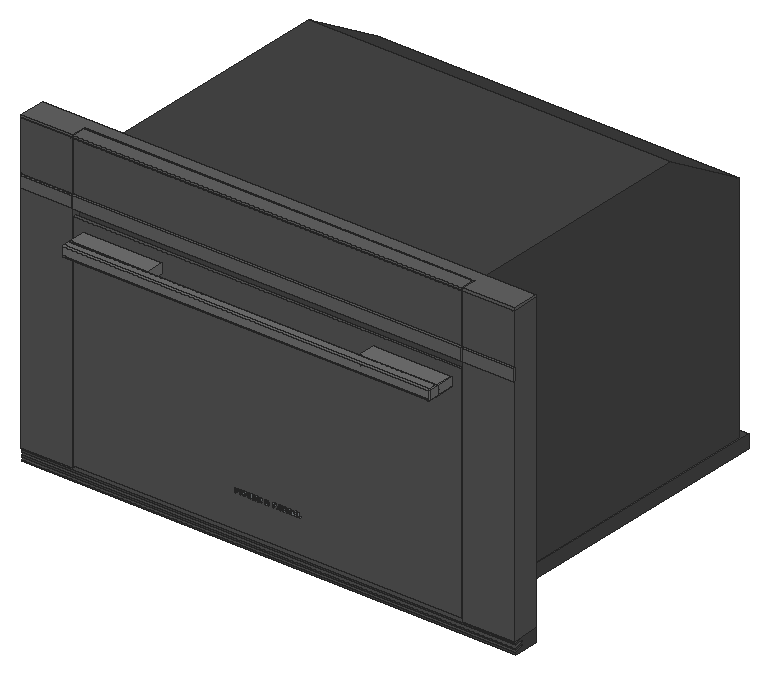
Revit family "FP_Revit_18_OM60NDBB1_w_TK76NDBB1_Microwave_Oven_w_76cm_Trimkit_90000814A", category Specialty Equipment, Revit 2018
Family settings
  Round Connector Dimension = Use Diameter
  Part Type = Normal
  OmniClass Number = 23.40.40.14.17.31
  OmniClass Title = Small Specialized Cooking Equipment
  Work Plane-Based = No
  Always vertical = Yes
  Cut with Voids When Loaded = Yes
  Shared = No
  Room Calculation Point = No
Parameters (values of type "OS60NDBB1 + TK76NDBB1")
  Visibility - Clearance Required = yes
  URL = "www.fisherpaykel.com"
  Product - Width = 757 mm  # constant formula
  Product - Height = 478 mm  # constant formula
  Product - Depth = 614 mm  # constant formula
  Model = "OS60NDBB1 + TK76NDBB1"
  Material - Trim = Fisher & Paykel - Stainless Steel, Dark
  Material - Structure = Fisher & Paykel - Black
  Material - Handle = Fisher & Paykel - Aluminium, Dark
  Material - Glass = Fisher & Paykel - Glass, Black
  Material - Body = Fisher & Paykel - Black
  Manufacturer = "Fisher & Paykel Appliances"
  FFL Offset [instance] = 900 mm
  Description = "60cm Steam Oven + 76cm Trimkit"
  Connector Description - Electrical = "220-240 V, 50 Hz, 14.5 A"
  Chassis - Width = 560 mm  # constant formula
  Chassis - Height = 446 mm  # constant formula
  Chassis - Depth = 540 mm  # constant formula
  Cavity - Width = 560 mm  # constant formula
  Cavity - Height = 480 mm  # constant formula
  Cavity - Depth = 560 mm  # constant formula
Reference planes
  plane 1 "Center (Front/Back)": y = 0
  plane 2: z = 0
  plane 3 "Center (Left/Right)": x = 0
  plane 4: z = 1380
  plane 5: z = 1378
  plane 6 "Product LHS": x = -378.5
  plane 7 "Product RHS": x = 378.5
  plane 8 "Product - Depth": y = 0
  plane 9 "Cavity LHS": x = -380
  plane 10 "Cavity RHS": x = 380
  plane 11 "Cavity - Depth": y = 560
  plane 12 "Front Face": y = -41.5
  plane 13 "Chassis - Height": z = 0
  plane 14 "Product Depth": y = 540
  plane 15 "FFL Offset": z = 900
Forms (mm)
  Extrusion 1, void
    sketch origin (0, 0, 0) x (0, 1, 0) y (0, 0, 1)
      loop
        line (-41.5, 1380) -> (-41.5, 900) -> (0, 900) -> (0, 1380) -> (-41.5, 1380)
    from -380 to 380
  Extrusion 2, void
    sketch origin (0, 0, 0) x (0, 1, 0) y (0, 0, 1)
      loop
        line (560, 1370) -> (0, 1370) -> (0, 900) -> (560, 900) -> (560, 1370)
    from -280 to 280
Text (mm)
  text "Due to ongoing product development, product details are subject to change without notice. \nPlease always refer to www.fisherpaykel.com for the most current product information. \n© Fisher & Paykel 2020" at (41.04, -413.295, 0), in view "Ref. Level (Plan)"
Dimensions and locks
  equal spacing: plane 6 "Product LHS", plane 3 "Center (Left/Right)", plane 7 "Product RHS"
  "Product - Width": plane 6 "Product LHS" to plane 7 "Product RHS"
  equal spacing: plane 9 "Cavity LHS", plane 3 "Center (Left/Right)", plane 10 "Cavity RHS"
  locked: plane 9 "Cavity LHS" to plane 10 "Cavity RHS" at 760
  plane 12 "Front Face" to plane 1 "Center (Front/Back)" = 41.5 mm
  "Chassis - Depth": plane 1 "Center (Front/Back)" to plane 14 "Product Depth"
  "FFL Offset": plane 15 "FFL Offset" to level
  "Cavity - Depth": plane 1 "Center (Front/Back)" to plane 11 "Cavity - Depth"
  "Product - Height": plane 5 to plane 15 "FFL Offset"
  "Cavity - Height": plane 4 to plane 15 "FFL Offset"
  "Cavity - Width": Extrusion 2 to Extrusion 2
  aligned and locked: level to plane 2
  aligned and locked: plane 15 "FFL Offset" to nested 2
  aligned and locked: nested 2 to plane 8 "Product - Depth"
  aligned and locked: plane 12 "Front Face" to nested 2
  aligned and locked: plane 12 "Front Face" to Extrusion 1 sketch curve
  aligned and locked: Extrusion 1 sketch curve to plane 8 "Product - Depth"
  aligned and locked: plane 15 "FFL Offset" to Extrusion 1 sketch curve
  aligned and locked: Extrusion 1 sketch curve to plane 4
  aligned and locked: Extrusion 1 to plane 10 "Cavity RHS"
  aligned and locked: plane 9 "Cavity LHS" to Extrusion 1
  aligned and locked: Extrusion 2 sketch curve to plane 8 "Product - Depth"
  aligned and locked: Extrusion 2 sketch curve to plane 15 "FFL Offset"
  aligned and locked: plane 11 "Cavity - Depth" to Extrusion 2 sketch curve
  aligned and locked: Extrusion 2 sketch curve to nested 2
Nested families
  nested 1: "FP_Revit_18_OM60NDBB1_Microwave_Oven_90000814A" at (0, -19.5, 20), FFL Offset <- "FFL Offset", type "OM60NDBB1"
    with FFL Offset 900 mm
  nested 2: "FP_Revit_18_TK76ND_Trimkits_90001189A" at (0, 0, 0), FFL Offset <- "FFL Offset", type "TK76NDBB1"
    with FFL Offset 900 mm
Connectors
  electrical at (-193.854, 529.119, 959.454), driven by "Connector Description - Electrical"
    settings: on nested 1, index 1, voltage 230 V, apparent load 0 VA, apparent load phase1 0 VA, apparent load phase2 0 VA, apparent load phase3 0 VA, power factor 1, load classification "Other", number of poles 1, system type 30, power factor state 1, is connector primary yes, connector utility no, sub classification motor no, connector description "220-240 V, 50 Hz, 14.5 A"
Definition of nested family "FP_Revit_18_OM60NDBB1_Microwave_Oven_90000814A"
  Parameters (values of type "OS60NDBB1")
    Visibility - Clearance Required = yes
    URL = "www.fisherpaykel.com"
    Product - Width = 596 mm  # constant formula
    Product - Height = 458 mm  # constant formula
    Product - Depth = 562 mm  # constant formula
    Model = "OS60NDBB1"
    Material - Trim = none
    Material - Structure = none
    Material - Handle = none
    Material - Glass = none
    Material - Body = none
    Manufacturer = "Fisher & Paykel Appliances"
    FFL Offset [instance] = 900 mm
    Description = "60cm Steam Oven"
    Connector Description - Electrical = "220-240 V, 50 Hz, 14.5 A"
    Chassis - Width = 556 mm  # constant formula
    Chassis - Height = 446 mm  # constant formula
    Chassis - Depth = 540 mm  # constant formula
    Cavity - Width = 600 mm  # constant formula
    Cavity - Height = 460 mm  # constant formula
    Cavity - Depth = 560 mm  # constant formula
  Types (4, lengths in mm): name | Model | Description
    OS60NDB1 | "OS60NDB1" | "60cm Steam Oven"
    OM60NDB1 | "OM60NDB1" | "60cm Microwave Oven"
    OM60NDBB1 | "OM60NDBB1" | "60cm Microwave Oven"
    OS60NDBB1 | "OS60NDBB1" | "60cm Steam Oven"
  Reference planes
    plane 1 "Center (Front/Back)": y = 0
    plane 2: z = 0
    plane 3 "Center (Left/Right)": x = 0
    plane 4: z = 1360
    plane 5: z = 1358
    plane 6 "Product LHS": x = -298
    plane 7 "Product RHS": x = 298
    plane 8 "Product - Depth": y = 0
    plane 9 "Cavity LHS": x = -300
    plane 10 "Cavity RHS": x = 300
    plane 11 "Cavity - Depth": y = 560
    plane 12 "Front Face": y = -22
    plane 13 "Chassis - Height": z = 0
    plane 14 "Product Depth": y = 540
    plane 15 "FFL Offset": z = 900
  Forms (mm)
    Extrusion 1, solid, material <- "Material - Body"
      sketch origin (0, 0, 0) x (0, 1, 0) y (0, 0, 1)
        loop
          line (0, 1346) -> (0, 907.28) -> (5.16, 907.28) -> (5.16, 900) -> (534.187, 900) -> (534.187, 1257.991) -> (403.295, 1336.64) -> (24.316, 1336.64) -> (8.71, 1346) -> (0, 1346)
      from -278 to 278
    Extrusion 2, solid, material <- "Material - Structure", detail levels fine
      sketch origin (0, 0, 0) x (0, 1, 0) y (0, 0, 1)
        loop
          line (0, 1353.9) -> (-2, 1353.9) -> (-2, 1355) -> (-18, 1355) -> (-18, 1258) -> (-9.89, 1258) -> (-9.89, 907.28) -> (0, 907.28) -> (0, 1353.9)
      from -298 to 298
    Extrusion 3, solid, material <- "Material - Trim", detail levels fine
      sketch origin (0, 0, 0) x (0, 1, 0) y (0, 0, 1)
        loop
          line (-22, 1358) -> (-22, 1355) -> (-2, 1355) -> (-2, 1358) -> (-22, 1358)
      from -298 to 298
    Extrusion 4, solid, material <- "Material - Glass", detail levels fine
      sketch origin (0, 0, 0) x (0, 1, 0) y (0, 0, 1)
        loop
          line (-18, 1355) -> (-20.262, 1355)
          arc (-20.262, 1355) -> (-21.236, 1354.682) -> (-22, 1354) r 2.5
          line (-22, 1354) -> (-22, 1258) -> (-18, 1258) -> (-18, 1355)
      from -298 to 298
    Extrusion 5, solid, material <- "Material - Glass", detail levels fine
      sketch origin (0, 0, 0) x (0, 1, 0) y (0, 0, 1)
        loop
          line (-22, 1246.53) -> (-22, 904.53) -> (-18, 904.53) -> (-18, 1246.53) -> (-22, 1246.53)
      from -298 to 298
    Extrusion 6, solid, material <- "Material - Structure", detail levels fine
      sketch origin (0, 0, 0) x (0, 1, 0) y (0, 0, 1)
        loop
          line (-18, 1229.33) -> (-18, 907.28) -> (-9.89, 907.28) -> (-9.89, 1229.33) -> (-18, 1229.33)
      from -278 to 278
    Extrusion 7, void
      sketch origin (0, 0, 0) x (1, 0, 0) y (0, 0, 1)
        loop
          line (-158.462, 1052.91) -> (-229.24, 1052.91)
          arc (-229.24, 1052.91) -> (-232.776, 1051.446) -> (-234.24, 1047.91) r 5
          line (-234.24, 1047.91) -> (-234.24, 955.13)
          arc (-234.24, 955.13) -> (-232.776, 951.594) -> (-229.24, 950.13) r 5
          line (-229.24, 950.13) -> (-158.462, 950.13)
          arc (-158.462, 950.13) -> (-154.926, 951.594) -> (-153.462, 955.13) r 5
          line (-153.462, 955.13) -> (-153.462, 1047.91)
          arc (-153.462, 1047.91) -> (-154.926, 1051.446) -> (-158.462, 1052.91) r 5
      from -539.6 to -521.6
    Sweep 8, void
      path in 3D
        loop
          arc (-153.462, 521.6, 955.13) -> (-154.926, 521.6, 951.594) -> (-158.462, 521.6, 950.13) r 5
          line (-158.462, 521.6, 950.13) -> (-229.24, 521.6, 950.13)
          arc (-229.24, 521.6, 950.13) -> (-232.776, 521.6, 951.594) -> (-234.24, 521.6, 955.13) r 5
          line (-234.24, 521.6, 955.13) -> (-234.24, 521.6, 1047.91)
          arc (-234.24, 521.6, 1047.91) -> (-232.776, 521.6, 1051.446) -> (-229.24, 521.6, 1052.91) r 5
          line (-229.24, 521.6, 1052.91) -> (-158.462, 521.6, 1052.91)
          arc (-158.462, 521.6, 1052.91) -> (-154.926, 521.6, 1051.446) -> (-153.462, 521.6, 1047.91) r 5
          line (-153.462, 521.6, 1047.91) -> (-153.462, 521.6, 955.13)
      profile origin (-153.462, 521.6, 1001.52) x (-1, 0, 0) y (0, -1, 0)
        loop
          line (0, 0) -> (-21.3, -12.587) -> (0, -12.587) -> (0, 0)
    Extrusion 9, solid, material <- "Material - Body", detail levels medium+fine
      sketch origin (0, 0, -100) x (1, 0, 0) y (0, 0, 1)
        loop
          line (-175.354, 1115.273) -> (-212.354, 1115.273) -> (-212.354, 1057.273) -> (-175.354, 1057.273) -> (-175.354, 1115.273)
      from -540 to -521.6
    Extrusion 10, solid, material <- "Material - Trim", detail levels fine
      sketch origin (0, 0, 0) x (0, 1, 0) y (0, 0, 1)
        loop
          line (-22, 1258) -> (-22, 1277.8) -> (-22.8, 1277.8) -> (-23.7, 1275.5) -> (-23.7, 1258) -> (-22, 1258)
      from -298 to 298
    Extrusion 11, solid, visible <- "Visibility - Clearance Required", detail levels coarse
      sketch origin (0, 0, 0) x (1, 0, 0) y (0, 1, 0)
        loop
          line (-280, 0) -> (280, 0) -> (280, 548.619) -> (-280, 548.619) -> (-280, 0)
      from 900 to 1360
    Extrusion 12, solid, visible <- "Visibility - Clearance Required", detail levels coarse
      sketch origin (0, 0, 0) x (0, 1, 0) y (0, 0, 1)
        loop
          arc (-22, 1246.53) -> (-241.159, 1161.206) -> (-341.563, 948.532) r 317.644
          line (-341.563, 948.532) -> (-326.406, 946.445) -> (-332.106, 905.048) -> (-316.871, 902.951) -> (-311.171, 944.347) -> (-22, 904.53) -> (-22, 900) -> (0, 900) -> (0, 1360) -> (-22, 1360) -> (-22, 1246.53)
      from -300 to 300
    Sweep 13, solid, material <- "Material - Body", detail levels fine
      path origin (0, 0, -100) x (0, 1, 0) y (0, 0, 1)
        loop
          arc (530.8, 1057.273) -> (536.019, 1044.673) -> (548.619, 1039.454) r 17.819
      profile origin (0, 536.019, 944.673) x (0, 0.707107, 0.707107) y (1, 0, 0)
        loop
          circle (0, -193.854) r 5
    Extrusion 14, solid, material <- "Material - Glass", detail levels coarse+medium
      sketch origin (0, 0, 0) x (0, 1, 0) y (0, 0, 1)
        loop
          line (-22, 1358) -> (-22, 1258) -> (-9.89, 1258) -> (-9.89, 1229.33) -> (-18, 1229.33) -> (-18, 1246.53) -> (-22, 1246.53) -> (-22, 904.53) -> (-18, 904.53) -> (-18, 907.28) -> (0, 907.28) -> (0, 1353.9) -> (-2, 1353.9) -> (-2, 1358) -> (-22, 1358)
      from -298 to 298
    Extrusion 15, solid, material <- "Material - Body", not visible, detail levels medium+fine
      sketch origin (0, 0, 0) x (1, 0, 0) y (0, 0, 1)
        loop
          line (-175.354, 1115.273) -> (-212.354, 1115.273) -> (-212.354, 1057.273) -> (-175.354, 1057.273) -> (-175.354, 1115.273)
      from -540 to -521.6
    Sweep 16, solid, material <- "Material - Body", not visible, detail levels fine
      path origin (0, 0, 0) x (0, 1, 0) y (0, 0, 1)
        loop
          arc (530.8, 1057.273) -> (536.019, 1044.673) -> (548.619, 1039.454) r 17.819
      profile origin (0, 536.019, 1044.673) x (0, 0.707107, 0.707107) y (1, 0, 0)
        loop
          circle (0, -193.854) r 5
    Extrusion 17, void
      sketch origin (0, 0, 0) x (1, 0, 0) y (0, 1, 0)
        loop
          line (-280, 0) -> (280, 0) -> (280, 548.619) -> (-280, 548.619) -> (-280, 0)
      from 900 to 1360
    Extrusion 18, solid, visible <- "Visibility - Clearance Required", detail levels coarse
      sketch origin (0, 0, 0) x (0, 1, 0) y (0, 0, 1)
        loop
          arc (-22, 1246.53) -> (-241.159, 1161.206) -> (-341.563, 948.532) r 317.644
          line (-341.563, 948.532) -> (-326.406, 946.445) -> (-332.106, 905.048) -> (-316.871, 902.951) -> (-311.171, 944.347) -> (-22, 904.53) -> (-22, 900) -> (0, 900) -> (0, 1360) -> (-22, 1360) -> (-22, 1246.53)
      from -300 to 300
    Extrusion 19, void
      sketch origin (0, 0, 0) x (0, 1, 0) y (0, 0, 1)
        loop
          line (-22, 1360) -> (-22, 900) -> (0, 900) -> (0, 1360) -> (-22, 1360)
      from -300 to 300
  Cuts and joins
    Extrusion 7, Sweep 8 cuts Extrusion 1
    Extrusion 7 cuts Extrusion 2
    Extrusion 7 cuts Extrusion 5
    Extrusion 7 cuts Extrusion 6
  Lines and regions (mm)
    sketch lines
      curve 1: line (-153.462, 521.6, 1047.91) -> (-153.462, 521.6, 955.13)
      curve 2: arc (-153.462, 521.6, 1047.91) -> (-154.926, 521.6, 1051.446) -> (-158.462, 521.6, 1052.91) r 5
      curve 3: line (-229.24, 521.6, 1052.91) -> (-158.462, 521.6, 1052.91)
      curve 4: arc (-229.24, 521.6, 1052.91) -> (-232.776, 521.6, 1051.446) -> (-234.24, 521.6, 1047.91) r 5
      curve 5: line (-234.24, 521.6, 955.13) -> (-234.24, 521.6, 1047.91)
      curve 6: arc (-234.24, 521.6, 955.13) -> (-232.776, 521.6, 951.594) -> (-229.24, 521.6, 950.13) r 5
      curve 7: arc (-158.462, 521.6, 950.13) -> (-154.926, 521.6, 951.594) -> (-153.462, 521.6, 955.13) r 5
      curve 8: line (-158.462, 521.6, 950.13) -> (-229.24, 521.6, 950.13)
  Text (mm)
    text "Due to ongoing product development, product details are subject to change without notice. \nPlease always refer to www.fisherpaykel.com for the most current product information. \n© Fisher & Paykel 2020" at (41.04, -413.295, 0), in view "Ref. Level (Plan)"
  Dimensions and locks
    equal spacing: plane 6 "Product LHS", plane 3 "Center (Left/Right)", plane 7 "Product RHS"
    "Product - Width": plane 6 "Product LHS" to plane 7 "Product RHS"
    equal spacing: plane 9 "Cavity LHS", plane 3 "Center (Left/Right)", plane 10 "Cavity RHS"
    "Cavity - Width": plane 9 "Cavity LHS" to plane 10 "Cavity RHS"
    "Cavity - Depth": plane 11 "Cavity - Depth" to plane 1 "Center (Front/Back)"
    locked: plane 12 "Front Face" to plane 1 "Center (Front/Back)" at 22
    "Chassis - Depth": plane 1 "Center (Front/Back)" to plane 14 "Product Depth"
    Extrusion 1 sketch curve to plane 14 "Product Depth" = 5.813 mm
    equal spacing: cut or joined group of Extrusion 1, Extrusion 7, Sweep 8, plane 3 "Center (Left/Right)", cut or joined group of Extrusion 1, Extrusion 7, Sweep 8
    "Chassis - Width": cut or joined group of Extrusion 1, Extrusion 7, Sweep 8 to cut or joined group of Extrusion 1, Extrusion 7, Sweep 8
    "FFL Offset": plane 15 "FFL Offset" to level
    locked: nested 2 to plane 15 "FFL Offset" at 61.04
    locked: cut or joined group of Extrusion 1, Extrusion 7, Sweep 8 to plane 15 "FFL Offset" at 7.28
    locked: Extrusion 14 to plane 15 "FFL Offset" at 4.53
    locked: cut or joined group of Extrusion 1, Extrusion 7, Sweep 8 to plane 15 "FFL Offset" at 436.64
    "Chassis - Height": cut or joined group of Extrusion 1, Extrusion 7, Sweep 8 to plane 15 "FFL Offset"
    Extrusion 11 to plane 15 "FFL Offset" = 460 mm
    locked: plane 15 "FFL Offset" to Extrusion 9 at 57.273
    locked: plane 15 "FFL Offset" to cut or joined group of Extrusion 1, Extrusion 7, Sweep 8 at 50.13
    "Product - Height": plane 5 to plane 15 "FFL Offset"
    "Cavity - Height": plane 4 to plane 15 "FFL Offset"
    locked: nested 1 to plane 15 "FFL Offset" at 330.978
    locked: plane 5 to Extrusion 14 at 100
    locked: plane 5 to Extrusion 14 at 111.47
    locked: Extrusion 12 sketch curve to plane 15 "FFL Offset" at 4.53
    locked: plane 15 "FFL Offset" to Extrusion 7 sketch curve at 152.91
    locked: plane 15 "FFL Offset" to Extrusion 7 sketch curve at 50.13
    aligned and locked: level to plane 2
    aligned and locked: Extrusion 3 sketch curve to plane 5
    aligned and locked: plane 6 "Product LHS" to Extrusion 5
    aligned and locked: Extrusion 5 to plane 7 "Product RHS"
    aligned and locked: Extrusion 4 to plane 7 "Product RHS"
    aligned and locked: plane 6 "Product LHS" to Extrusion 4
    aligned and locked: plane 6 "Product LHS" to Extrusion 3
    aligned and locked: Extrusion 3 to plane 7 "Product RHS"
    aligned and locked: plane 6 "Product LHS" to Extrusion 2
    aligned and locked: Extrusion 2 to plane 7 "Product RHS"
    aligned and locked: plane 14 "Product Depth" to Extrusion 9
    aligned and locked: cut or joined group of Extrusion 1, Extrusion 7, Sweep 8 to Extrusion 9
    aligned and locked: Extrusion 10 to plane 7 "Product RHS"
    aligned and locked: plane 6 "Product LHS" to Extrusion 10
    aligned and locked: Extrusion 14 to plane 7 "Product RHS"
    aligned and locked: plane 6 "Product LHS" to Extrusion 14
    aligned and locked: Extrusion 1 to plane 15 "FFL Offset"
    aligned and locked: Extrusion 11 to cut or joined group of Extrusion 1, Extrusion 7, Sweep 8
    aligned and locked: Extrusion 14 to cut or joined group of Extrusion 1, Extrusion 7, Sweep 8
    aligned and locked: Extrusion 2 to cut or joined group of Extrusion 1, Extrusion 7, Sweep 8
    aligned and locked: Extrusion 6 to cut or joined group of Extrusion 1, Extrusion 7, Sweep 8
    aligned and locked: plane 5 to Extrusion 3
    aligned and locked: plane 5 to Extrusion 14
    aligned and locked: Extrusion 10 to Extrusion 4
    aligned and locked: Extrusion 14 to Extrusion 4
    aligned and locked: Extrusion 4 to cut or joined group of Extrusion 2, Extrusion 7
    aligned and locked: Extrusion 5 to Extrusion 14  (x2)
    aligned and locked: plane 4 to Extrusion 11
    aligned and locked: Extrusion 11 to Sweep 13
    aligned and locked: Extrusion 12 sketch curve to plane 15 "FFL Offset"
    aligned and locked: Extrusion 12 sketch curve to plane 4
    aligned and locked: plane 4 to Extrusion 17
    aligned and locked: Extrusion 17 to cut or joined group of Extrusion 1, Extrusion 7, Sweep 8
    aligned and locked: plane 15 "FFL Offset" to Extrusion 19 sketch curve
    aligned and locked: Extrusion 19 sketch curve to plane 4
  Automatic sketch dimensions
    Extrusion 9 sketch curve to Extrusion 9 sketch curve = 37 mm
    Extrusion 9 sketch curve to Extrusion 9 sketch curve = 58 mm
    Sweep 13 sketch curve to profile plane = 0 mm
    Sweep 13 sketch curve to Sweep 13 sketch curve = 17.819 mm
    Sweep 13 sketch curve to profile plane = 193.854 mm
    Extrusion 15 sketch curve to Extrusion 15 sketch curve = 37 mm
    Extrusion 15 sketch curve to Extrusion 15 sketch curve = 58 mm
    Sweep 16 sketch curve to profile plane = 0 mm
    Sweep 16 sketch curve to Sweep 16 sketch curve = 17.819 mm
    Sweep 16 sketch curve to profile plane = 193.854 mm
    Extrusion 1 sketch curve to plane 1 "Center (Front/Back)" = 0 mm
    Extrusion 1 sketch curve to plane 15 "FFL Offset" = 0 mm
    Extrusion 1 sketch curve to plane 1 "Center (Front/Back)" = 5.16 mm
    Extrusion 1 sketch curve to Extrusion 1 sketch curve = 8.71 mm
    Extrusion 1 sketch curve to Extrusion 1 sketch curve = 15.606 mm
    Extrusion 1 sketch curve to plane 5 = 21.36 mm
    Extrusion 1 sketch curve to plane 14 "Product Depth" = 136.705 mm
    Extrusion 1 sketch curve to Extrusion 1 sketch curve = 7.28 mm
    Extrusion 1 sketch curve to plane 5 = 100.009 mm
    Extrusion 1 sketch curve to plane 5 = 12 mm
    Extrusion 2 sketch curve to plane 1 "Center (Front/Back)" = 0 mm
    plane 1 "Center (Front/Back)" to Extrusion 2 sketch curve = 2 mm
    plane 1 "Center (Front/Back)" to Extrusion 2 sketch curve = 9.89 mm
    plane 12 "Front Face" to Extrusion 2 sketch curve = 4 mm
    plane 15 "FFL Offset" to Extrusion 2 sketch curve = 7.28 mm
    Extrusion 2 sketch curve to plane 5 = 100 mm
    Extrusion 2 sketch curve to plane 5 = 4.1 mm
    Extrusion 2 sketch curve to Extrusion 2 sketch curve = 1.1 mm
    Extrusion 3 sketch curve to plane 12 "Front Face" = 0 mm
    plane 1 "Center (Front/Back)" to Extrusion 3 sketch curve = 2 mm
    Extrusion 3 sketch curve to plane 5 = 3 mm
    Extrusion 4 sketch curve to plane 12 "Front Face" = 0 mm
    plane 12 "Front Face" to Extrusion 4 sketch curve = 1.738 mm
    plane 12 "Front Face" to Extrusion 4 sketch curve = 2.011 mm
    plane 12 "Front Face" to Extrusion 4 sketch curve = 4 mm
    Extrusion 4 sketch curve to plane 5 = 100 mm
    Extrusion 4 sketch curve to plane 5 = 5.485 mm
    Extrusion 4 sketch curve to Extrusion 4 sketch curve = 1.485 mm
    Extrusion 5 sketch curve to plane 12 "Front Face" = 0 mm
    plane 12 "Front Face" to Extrusion 5 sketch curve = 4 mm
    plane 15 "FFL Offset" to Extrusion 5 sketch curve = 4.53 mm
    Extrusion 5 sketch curve to plane 5 = 111.47 mm
    plane 12 "Front Face" to Extrusion 6 sketch curve = 4 mm
    Extrusion 6 sketch curve to Extrusion 6 sketch curve = 8.11 mm
    plane 15 "FFL Offset" to Extrusion 6 sketch curve = 7.28 mm
    Extrusion 6 sketch curve to plane 5 = 128.67 mm
    Extrusion 7 sketch curve to plane 6 "Product LHS" = 63.76 mm
    Extrusion 7 sketch curve to Extrusion 7 sketch curve = 5 mm  (x3)
    Extrusion 7 sketch curve to Extrusion 7 sketch curve = 70.778 mm  (x2)
    Sweep 8 sketch curve to profile plane = 0 mm  (x2)
    Sweep 8 sketch curve to profile plane = 21.3 mm
    profile plane to Sweep 8 sketch curve = 12.587 mm
    Extrusion 10 sketch curve to plane 12 "Front Face" = 0 mm
    Extrusion 10 sketch curve to Extrusion 10 sketch curve = 0.8 mm
    Extrusion 10 sketch curve to plane 12 "Front Face" = 1.7 mm
    Extrusion 10 sketch curve to plane 5 = 100 mm
    Extrusion 10 sketch curve to Extrusion 10 sketch curve = 17.5 mm
    Extrusion 10 sketch curve to Extrusion 10 sketch curve = 2.3 mm
    plane 1 "Center (Front/Back)" to Extrusion 11 sketch curve = 0 mm
    plane 14 "Product Depth" to Extrusion 11 sketch curve = 8.619 mm
    Extrusion 11 sketch curve to plane 6 "Product LHS" = 18 mm
    plane 7 "Product RHS" to Extrusion 11 sketch curve = 18 mm
    Extrusion 12 sketch curve to plane 12 "Front Face" = 0 mm  (x2)
    Extrusion 12 sketch curve to plane 1 "Center (Front/Back)" = 0 mm
    Extrusion 12 sketch curve to plane 12 "Front Face" = 2.526 mm
    plane 15 "FFL Offset" to Extrusion 12 sketch curve = 44.347 mm
    Extrusion 12 sketch curve to Extrusion 12 sketch curve = 286.644 mm
    plane 15 "FFL Offset" to Extrusion 12 sketch curve = 2.951 mm
    plane 15 "FFL Offset" to Extrusion 12 sketch curve = 46.445 mm
    Extrusion 12 sketch curve to Extrusion 12 sketch curve = 15.235 mm
    plane 15 "FFL Offset" to Extrusion 12 sketch curve = 48.532 mm
    Extrusion 12 sketch curve to Extrusion 12 sketch curve = 24.366 mm
    Extrusion 14 sketch curve to plane 5 = 0 mm
    Extrusion 14 sketch curve to plane 12 "Front Face" = 0 mm  (x2)
    Extrusion 14 sketch curve to plane 1 "Center (Front/Back)" = 0 mm
    plane 12 "Front Face" to Extrusion 14 sketch curve = 4 mm  (x2)
    plane 1 "Center (Front/Back)" to Extrusion 14 sketch curve = 9.89 mm
    plane 1 "Center (Front/Back)" to Extrusion 14 sketch curve = 2 mm
    Extrusion 14 sketch curve to plane 5 = 4.1 mm
    Extrusion 14 sketch curve to Extrusion 14 sketch curve = 95.9 mm
    Extrusion 14 sketch curve to Extrusion 14 sketch curve = 11.47 mm
    Extrusion 14 sketch curve to Extrusion 14 sketch curve = 17.2 mm
    plane 15 "FFL Offset" to Extrusion 14 sketch curve = 7.28 mm
    Extrusion 14 sketch curve to Extrusion 14 sketch curve = 2.75 mm
    plane 1 "Center (Front/Back)" to Extrusion 17 sketch curve = 0 mm
    plane 14 "Product Depth" to Extrusion 17 sketch curve = 8.619 mm
    Extrusion 17 sketch curve to plane 6 "Product LHS" = 18 mm
    plane 7 "Product RHS" to Extrusion 17 sketch curve = 18 mm
    Extrusion 18 sketch curve to plane 12 "Front Face" = 0 mm  (x2)
    Extrusion 18 sketch curve to plane 1 "Center (Front/Back)" = 0 mm
    Extrusion 18 sketch curve to plane 15 "FFL Offset" = 0 mm
    Extrusion 18 sketch curve to plane 4 = 0 mm
    Extrusion 18 sketch curve to plane 12 "Front Face" = 2.526 mm
    plane 15 "FFL Offset" to Extrusion 18 sketch curve = 44.347 mm
    Extrusion 18 sketch curve to Extrusion 18 sketch curve = 286.644 mm
    plane 15 "FFL Offset" to Extrusion 18 sketch curve = 2.951 mm
    Extrusion 18 sketch curve to Extrusion 18 sketch curve = 5.7 mm
    plane 15 "FFL Offset" to Extrusion 18 sketch curve = 46.445 mm
    Extrusion 18 sketch curve to Extrusion 18 sketch curve = 15.235 mm
    plane 15 "FFL Offset" to Extrusion 18 sketch curve = 48.532 mm
    Extrusion 18 sketch curve to Extrusion 18 sketch curve = 24.366 mm
    Extrusion 19 sketch curve to plane 12 "Front Face" = 0 mm
    Extrusion 19 sketch curve to plane 1 "Center (Front/Back)" = 0 mm
    radius of Sweep 13 sketch curve = 5 mm
    radius of Sweep 16 sketch curve = 5 mm
  Nested families
    nested 1: "F&P Handle Contemporary Square OB60-24" at (0, -22, 1223), type "Aluminium"
    nested 2: "F&P Logo 100mm" at (0, -22, 955), type "F&P Logo 100mm"
  Connectors
    electrical at (-193.854, 548.619, 939.454), driven by "Connector Description - Electrical"
      settings: on Sweep 13, index 1, voltage 120 V, apparent load 0 VA, apparent load phase1 0 VA, apparent load phase2 0 VA, apparent load phase3 0 VA, power factor 1, load classification none, number of poles 1, system type 30, power factor state 1, is connector primary yes, connector utility no, sub classification motor no, connector description "220-240 V, 50 Hz, 14.5 A"
  Definition of nested family "F&P Handle Contemporary Square OB60-24"
    Parameters (values of type "Aluminium Dark")
      URL = "www.fisherpaykel.com"
      Material - Handle = none
      Manufacturer = "Fisher & Paykel Appliances"
      Handle - Length = 565 mm
    Types (2): name
      Aluminium
      Aluminium Dark
    Reference planes
      plane 1 "Center (Front/Back)": y = 0
      plane 2: z = 0
      plane 3 "Center (Left/Right)": x = 0
      plane 4 "Product LHS": x = -282.5
      plane 5 "Product RHS": x = 282.5
      plane 6 "LHS Standoff": x = -162.495
      plane 7 "RHS Standoff": x = 162.505
    Forms (mm)
      Extrusion 1, solid, material <- "Material - Handle", detail levels fine
        sketch origin (0, 0, 0) x (0, 1, 0) y (0, 0, 1)
          loop
            arc (-28.701, 7.561) -> (-29.057, 7.868) -> (-29.514, 7.978) r 1
            line (-29.514, 7.978) -> (-40.5, 7.978)
            arc (-40.5, 7.978) -> (-41.561, 7.539) -> (-42, 6.478) r 1.5
            line (-42, 6.478) -> (-42, -6.522)
            arc (-42, -6.522) -> (-41.561, -7.583) -> (-40.5, -8.022) r 1.5
            line (-40.5, -8.022) -> (-29.487, -8.022)
            arc (-29.487, -8.022) -> (-29.029, -7.911) -> (-28.673, -7.602) r 1
            arc (-28.673, -7.602) -> (-26.256, -0.016) -> (-28.701, 7.561) r 13.038
        from -282.5 to 282.5
      Extrusion 2, solid, material <- "Material - Handle", detail levels fine
        sketch origin (0, 0, 0) x (0, 1, 0) y (0, 0, 1)
          loop
            arc (-28.23, 7.062) -> (-26.156, 0.008) -> (-28.198, -7.056) r 13.136
            arc (-28.198, -7.056) -> (-28.21, -7.463) -> (-27.86, -7.67) r 0.4
            line (-27.86, -7.67) -> (0, -7.67) -> (0, 7.678) -> (-27.893, 7.678)
            arc (-27.893, 7.678) -> (-28.244, 7.47) -> (-28.23, 7.062) r 0.4
        from 162.505 to 282.5
      Extrusion 3, solid, material <- "Material - Handle", detail levels fine
        sketch origin (0, 0, 0) x (0, 1, 0) y (0, 0, -1)
          loop
            arc (-28.23, -7.062) -> (-28.244, -7.47) -> (-27.893, -7.678) r 0.4
            line (-27.893, -7.678) -> (0, -7.678) -> (0, 7.67) -> (-27.86, 7.67)
            arc (-27.86, 7.67) -> (-28.21, 7.463) -> (-28.198, 7.056) r 0.4
            arc (-28.198, 7.056) -> (-26.156, -0.008) -> (-28.23, -7.062) r 13.136
        from 162.495 to 282.5
      Sweep 4, void
        path in 3D
          loop
            line (282.5, -29.514, 7.978) -> (282.5, -40.5, 7.978)
            arc (282.5, -40.5, 7.978) -> (282.5, -41.561, 7.539) -> (282.5, -42, 6.478) r 1.5
            line (282.5, -42, 6.478) -> (282.5, -42, -6.522)
            arc (282.5, -42, -6.522) -> (282.5, -41.561, -7.583) -> (282.5, -40.5, -8.022) r 1.5
            line (282.5, -40.5, -8.022) -> (282.5, -29.487, -8.022)
        profile origin (282.5, -35.007, 7.978) x (1, 0, 0) y (0, 0, 1)
          loop
            line (0, 0) -> (-1.3, 0) -> (0, -1.3) -> (0, 0)
      Sweep 5, void
        path in 3D
          loop
            line (-282.5, -29.487, -8.022) -> (-282.5, -40.5, -8.022)
            arc (-282.5, -40.5, -8.022) -> (-282.5, -41.561, -7.583) -> (-282.5, -42, -6.522) r 1.5
            line (-282.5, -42, -6.522) -> (-282.5, -42, 6.478)
            arc (-282.5, -42, 6.478) -> (-282.5, -41.561, 7.539) -> (-282.5, -40.5, 7.978) r 1.5
            line (-282.5, -40.5, 7.978) -> (-282.5, -29.514, 7.978)
        profile origin (-282.5, -35.007, 7.978) x (-1, 0, 0) y (0, 0, 1)
          loop
            line (0, 0) -> (-1.3, 0) -> (0, -1.3) -> (0, 0)
      Extrusion 6, void
        sketch origin (0, 0, 0) x (1, 0, 0) y (0, 0, 1)
          loop
            line (282.5, 7.978) -> (281.2, 7.978) -> (282.5, 6.678) -> (282.5, 7.978)
          loop
            line (282.5, -8.022) -> (282.5, -6.722) -> (281.2, -8.022) -> (282.5, -8.022)
        from 0 to 40
      Extrusion 7, void
        sketch origin (0, 0, 0) x (1, 0, 0) y (0, 0, 1)
          loop
            line (-282.5, 7.978) -> (-282.5, 6.678) -> (-281.2, 7.978) -> (-282.5, 7.978)
          loop
            line (-282.5, -8.022) -> (-281.2, -8.022) -> (-282.5, -6.722) -> (-282.5, -8.022)
        from 0 to 40
      Extrusion 8, solid, material <- "Material - Handle", detail levels coarse+medium
        sketch origin (0, 0, 0) x (1, 0, 0) y (0, 1, 0)
          loop
            line (-282.5, -42) -> (282.5, -42) -> (282.5, 0) -> (162.505, 0) -> (162.505, -26.156) -> (-162.495, -26.156) -> (-162.495, 0) -> (-282.5, 0) -> (-282.5, -42)
        from -8.022 to 7.978
    Cuts and joins
      Sweep 4, Sweep 5, Extrusion 6, Extrusion 7 cuts Extrusion 1
      Extrusion 6 cuts Extrusion 2
      Extrusion 7 cuts Extrusion 3
    Lines and regions (mm)
      sketch lines
        curve 1: line (282.5, -29.514, 7.978) -> (282.5, -40.5, 7.978)
        curve 2: arc (282.5, -42, 6.478) -> (282.5, -41.561, 7.539) -> (282.5, -40.5, 7.978) r 1.5
        curve 3: line (282.5, -42, 6.478) -> (282.5, -42, -6.522)
        curve 4: arc (282.5, -40.5, -8.022) -> (282.5, -41.561, -7.583) -> (282.5, -42, -6.522) r 1.5
        curve 5: line (282.5, -40.5, -8.022) -> (282.5, -29.487, -8.022)
        curve 6: line (-282.5, -40.5, 7.978) -> (-282.5, -29.514, 7.978)
        curve 7: arc (-282.5, -40.5, 7.978) -> (-282.5, -41.561, 7.539) -> (-282.5, -42, 6.478) r 1.5
        curve 8: line (-282.5, -42, -6.522) -> (-282.5, -42, 6.478)
        curve 9: arc (-282.5, -42, -6.522) -> (-282.5, -41.561, -7.583) -> (-282.5, -40.5, -8.022) r 1.5
        curve 10: line (-282.5, -29.487, -8.022) -> (-282.5, -40.5, -8.022)
    Dimensions and locks
      equal spacing: plane 4 "Product LHS", plane 3 "Center (Left/Right)", plane 5 "Product RHS"
      "Handle - Length": plane 4 "Product LHS" to plane 5 "Product RHS"
      locked: plane 4 "Product LHS" to plane 6 "LHS Standoff" at 120.005
      locked: plane 7 "RHS Standoff" to plane 5 "Product RHS" at 119.995
      aligned and locked: level to plane 2
      aligned and locked: Extrusion 1 to plane 5 "Product RHS"
      aligned and locked: plane 4 "Product LHS" to Extrusion 1
      aligned and locked: Extrusion 2 to plane 5 "Product RHS"
      aligned and locked: plane 4 "Product LHS" to Extrusion 3
      aligned and locked: plane 4 "Product LHS" to Extrusion 8 sketch curve
      aligned and locked: Extrusion 8 sketch curve to plane 5 "Product RHS"
      aligned and locked: Extrusion 8 sketch curve to plane 7 "RHS Standoff"
      aligned and locked: plane 6 "LHS Standoff" to Extrusion 8 sketch curve
      aligned and locked: Extrusion 2 to plane 7 "RHS Standoff"
      aligned and locked: plane 6 "LHS Standoff" to Extrusion 3
    Automatic sketch dimensions
      Extrusion 1 sketch curve to level = 6.522 mm
      plane 1 "Center (Front/Back)" to Extrusion 1 sketch curve = 42 mm
      Extrusion 1 sketch curve to Extrusion 1 sketch curve = 1.5 mm  (x2)
      Extrusion 1 sketch curve to level = 0.04 mm
      Extrusion 1 sketch curve to Extrusion 1 sketch curve = 1.206 mm
      level to Extrusion 1 sketch curve = 6.978 mm
      Extrusion 1 sketch curve to Extrusion 1 sketch curve = 10.986 mm
      Extrusion 1 sketch curve to Extrusion 1 sketch curve = 11.013 mm
      Extrusion 1 sketch curve to Extrusion 1 sketch curve = 1 mm
      level to Extrusion 1 sketch curve = 6.478 mm
      Extrusion 1 sketch curve to Extrusion 1 sketch curve = 0 mm
      Extrusion 2 sketch curve to plane 1 "Center (Front/Back)" = 0 mm
      Extrusion 2 sketch curve to level = 7.67 mm
      Extrusion 2 sketch curve to Extrusion 2 sketch curve = 27.86 mm
      level to Extrusion 2 sketch curve = 7.678 mm
      Extrusion 2 sketch curve to Extrusion 2 sketch curve = 0.033 mm
      Extrusion 2 sketch curve to level = 0.022 mm
      Extrusion 2 sketch curve to Extrusion 2 sketch curve = 11.398 mm
      Extrusion 2 sketch curve to Extrusion 2 sketch curve = 0.4 mm  (x2)
      Extrusion 2 sketch curve to Extrusion 2 sketch curve = 0 mm
      Extrusion 3 sketch curve to plane 1 "Center (Front/Back)" = 0 mm
      Extrusion 3 sketch curve to level = 7.67 mm
      Extrusion 3 sketch curve to Extrusion 3 sketch curve = 27.86 mm
      level to Extrusion 3 sketch curve = 7.678 mm
      Extrusion 3 sketch curve to Extrusion 3 sketch curve = 0.033 mm
      Extrusion 3 sketch curve to level = 0.022 mm
      Extrusion 3 sketch curve to Extrusion 3 sketch curve = 11.398 mm
      Extrusion 3 sketch curve to Extrusion 3 sketch curve = 0.4 mm  (x2)
      Extrusion 3 sketch curve to Extrusion 3 sketch curve = 0 mm
      profile plane to Sweep 4 sketch curve = 0 mm
      Sweep 4 sketch curve to profile plane = 0 mm
      Sweep 4 sketch curve to profile plane = 1.3 mm
      profile plane to Sweep 4 sketch curve = 1.3 mm
      Sweep 5 sketch curve to profile plane = 0 mm  (x2)
      profile plane to Sweep 5 sketch curve = 1.3 mm
      Sweep 5 sketch curve to profile plane = 1.3 mm
      plane 5 "Product RHS" to Extrusion 6 sketch curve = 0 mm  (x2)
      Extrusion 6 sketch curve to Extrusion 6 sketch curve = 1.3 mm  (x4)
      Extrusion 6 sketch curve to level = 6.722 mm
      level to Extrusion 6 sketch curve = 6.678 mm
      plane 4 "Product LHS" to Extrusion 7 sketch curve = 0 mm  (x2)
      Extrusion 7 sketch curve to plane 4 "Product LHS" = 1.3 mm  (x2)
      Extrusion 7 sketch curve to level = 8.022 mm
      level to Extrusion 7 sketch curve = 6.678 mm
      Extrusion 7 sketch curve to Extrusion 7 sketch curve = 1.3 mm  (x2)
      plane 1 "Center (Front/Back)" to Extrusion 8 sketch curve = 0 mm  (x2)
      Extrusion 8 sketch curve to Extrusion 8 sketch curve = 26.156 mm
      Extrusion 8 sketch curve to Extrusion 8 sketch curve = 42 mm
  Definition of nested family "F&P Logo 100mm"
    Parameters (values of type "F&P Logo 100mm")
      URL = "www.fisherpaykel.com"
      Material - Logo = none
      Manufacturer = "Fisher & Paykel Appliances"
    Reference planes
      plane 1 "Center (Front/Back)": y = 0
      plane 2: z = 0
      plane 3 "Center (Left/Right)": x = 0
    Forms (mm)
      Extrusion 1, solid, material <- "Material - Logo", detail levels fine
        sketch origin (0, 0, 0) x (1, 0, 0) y (0, 0, 1)
          loop
            line (-50.044, 0) -> (-48.47, 0) -> (-48.47, 2.138) -> (-46.011, 2.138) -> (-46.011, 3.472) -> (-48.47, 3.472) -> (-48.47, 4.712) -> (-45.795, 4.712) -> (-45.795, 6.04) -> (-50.044, 6.04) -> (-50.044, 0)
          loop
            line (-42.804, 6.04) -> (-42.804, 0) -> (-41.23, 0) -> (-41.23, 6.04) -> (-42.804, 6.04)
          loop
            line (-30.724, 6.04) -> (-30.724, 0) -> (-29.151, 0) -> (-29.151, 2.42) -> (-26.839, 2.42) -> (-26.839, 0) -> (-25.265, 0) -> (-25.265, 6.04) -> (-26.839, 6.04) -> (-26.839, 3.748) -> (-29.151, 3.748) -> (-29.151, 6.04) -> (-30.724, 6.04)
          loop
            line (-21.906, 6.04) -> (-21.906, 0) -> (-17.602, 0) -> (-17.602, 1.328) -> (-20.347, 1.328) -> (-20.347, 2.42) -> (-17.838, 2.42) -> (-17.838, 3.748) -> (-20.347, 3.748) -> (-20.347, 4.712) -> (-17.602, 4.712) -> (-17.602, 6.04) -> (-21.906, 6.04)
          loop
            line (45.667, 6.04) -> (45.667, 0) -> (49.956, 0) -> (49.956, 1.328) -> (47.241, 1.328) -> (47.241, 6.04) -> (45.667, 6.04)
          loop
            line (42.431, 6.04) -> (38.112, 6.04) -> (38.112, 0) -> (42.431, 0) -> (42.431, 1.328) -> (39.687, 1.328) -> (39.687, 2.42) -> (42.195, 2.42) -> (42.195, 3.748) -> (39.687, 3.748) -> (39.687, 4.712) -> (42.431, 4.712) -> (42.431, 6.04)
          loop
            line (33.451, 3.148) -> (35.683, 6.04) -> (33.844, 6.04) -> (31.915, 3.542) -> (31.915, 6.04) -> (30.342, 6.04) -> (30.342, 0) -> (31.915, 0) -> (31.915, 2.705) -> (33.903, 0) -> (35.763, 0) -> (33.451, 3.148)
          loop
            line (21.98, 6.04) -> (24.262, 2.42) -> (24.262, 0) -> (25.837, 0) -> (25.837, 2.341) -> (28.119, 6.04) -> (26.446, 6.04) -> (25.099, 3.707) -> (23.753, 6.04) -> (21.98, 6.04)
          loop
            line (18.479, 6.04) -> (16.983, 6.04) -> (14.524, 0) -> (16.069, 0) -> (16.501, 1.112) -> (18.921, 1.112) -> (19.354, 0) -> (20.938, 0) -> (18.479, 6.04)
          loop
            line (18.4, 2.439) -> (17.693, 4.174) -> (17.018, 2.439) -> (18.4, 2.439)
          loop
            line (8.031, 6.04) -> (8.031, 0) -> (9.605, 0) -> (9.605, 1.938) -> (10.599, 1.938)
            arc (10.599, 1.938) -> (12.65, 3.989) -> (10.599, 6.04) r 2.051
            line (10.599, 6.04) -> (8.031, 6.04)
          loop
            line (9.605, 4.712) -> (9.605, 3.197) -> (10.501, 3.197)
            arc (10.501, 3.197) -> (11.259, 3.954) -> (10.501, 4.712) r 0.757
            line (10.501, 4.712) -> (9.605, 4.712)
          loop
            line (-11.783, 6.04) -> (-14.366, 6.04) -> (-14.366, 0) -> (-12.792, 0) -> (-12.792, 1.336) -> (-11.992, 1.336) -> (-10.972, 0) -> (-9.153, 0) -> (-10.694, 1.973)
            arc (-10.694, 1.973) -> (-9.678, 4.424) -> (-11.783, 6.04) r 2.179
          loop
            line (-11.897, 4.712) -> (-12.792, 4.712) -> (-12.792, 3.053) -> (-11.897, 3.053)
            arc (-11.897, 3.053) -> (-11.068, 3.882) -> (-11.897, 4.712) r 0.83
          loop
            line (0.477, 4.712) -> (0.477, 6.153) -> (-3.575, 6.153) -> (-3.575, 4.851) -> (-2.974, 4.112)
            arc (-2.974, 4.112) -> (-3.51, 0.684) -> (-0.045, 0.512) r 2.334
            line (-0.045, 0.512) -> (0.46, -0.109) -> (2.246, -0.109) -> (0.86, 1.594) -> (2.061, 3.324) -> (0.443, 3.324) -> (-0.013, 2.667) -> (-1.677, 4.712) -> (0.477, 4.712)
          loop
            arc (-2.125, 3.068) -> (-2.269, 1.668) -> (-0.868, 1.524) r 0.996
            line (-0.868, 1.524) -> (-2.125, 3.068)
          loop
            line (-35.18, 3.634) -> (-36.516, 3.91)
            arc (-36.516, 3.91) -> (-37.049, 4.443) -> (-36.516, 4.976) r 0.533
            arc (-36.516, 4.976) -> (-35.235, 4.79) -> (-34.059, 4.248) r 4.505
            line (-34.059, 4.248) -> (-34.059, 5.743)
            arc (-34.059, 5.743) -> (-35.549, 6.179) -> (-37.1, 6.109) r 4.726
            arc (-37.1, 6.109) -> (-38.536, 4.335) -> (-37.1, 2.561) r 1.814
            line (-37.1, 2.561) -> (-35.754, 2.282)
            arc (-35.754, 2.282) -> (-35.221, 1.749) -> (-35.754, 1.216) r 0.533
            arc (-35.754, 1.216) -> (-37.035, 1.402) -> (-38.211, 1.945) r 4.505
            line (-38.211, 1.945) -> (-38.211, 0.449)
            arc (-38.211, 0.449) -> (-36.72, 0.013) -> (-35.169, 0.083) r 4.726
            arc (-35.169, 0.083) -> (-33.734, 1.863) -> (-35.18, 3.634) r 1.814
        from 0 to 0.8
    Dimensions and locks
      aligned and locked: level to plane 2
Definition of nested family "FP_Revit_18_TK76ND_Trimkits_90001189A"
  Parameters (values of type "TK76NDBB1")
    Visibility - Clearance Required = yes
    URL = "www.fisherpaykel.com"
    Product - Width = 757 mm  # constant formula
    Product - Height = 478 mm  # constant formula
    Product - Depth = 571.5 mm  # constant formula
    Model = "TK76NDBB1"
    Material - Trim = none
    Material - Glass = none
    Material - Body = none
    Manufacturer = "Fisher & Paykel Appliances"
    FFL Offset [instance] = 860 mm
    Description = "76cm Trim Kit"
    Chassis - Width = 560 mm  # constant formula
    Chassis - Height = 20 mm  # constant formula
    Chassis - Depth = 530 mm  # constant formula
    Cavity - Width = 760 mm  # constant formula
    Cavity - Height = 480 mm  # constant formula
    Cavity - Depth = 560 mm  # constant formula
  Types (3, lengths in mm): name | Model
    (no name) | "TK76NDBB1"
    TK76NDB1 | "TK76NDB1"
    TK76NDBB1 | "TK76NDBB1"
  Reference planes
    plane 1 "Center (Front/Back)": y = 0
    plane 2: z = 0
    plane 3 "Center (Left/Right)": x = 0
    plane 4: z = 1340
    plane 5: z = 1338
    plane 6 "Product LHS": x = -378.5
    plane 7 "Product RHS": x = 378.5
    plane 8 "Product - Depth": y = 530
    plane 9 "Cavity LHS": x = -380
    plane 10 "Cavity RHS": x = 380
    plane 11 "Cavity - Depth": y = 560
    plane 12 "Front Face": y = -41.5
    plane 13 "Chassis - Height": z = 880
    plane 14 "FFL Offset": z = 860
  Forms (mm)
    Extrusion 1, solid, material <- "Material - Glass", detail levels fine
      sketch origin (0, 0, 0) x (0, 1, 0) y (0, 0, 1)
        loop
          line (0, 1335) -> (-39.5, 1335)
          arc (-39.5, 1335) -> (-40.617, 1334.734) -> (-41.5, 1334) r 2.521
          line (-41.5, 1334) -> (-41.5, 880) -> (0, 880) -> (0, 1335)
      from -378.5 to 378.5
    Extrusion 2, solid, material <- "Material - Trim", detail levels fine
      sketch origin (0, 0, 0) x (0, 1, 0) y (0, 0, 1)
        loop
          line (0, 1338) -> (-41.5, 1338) -> (-41.5, 1335) -> (0, 1335) -> (0, 1338)
      from -378.5 to 378.5
    Extrusion 3, solid, material <- "Material - Body"
      sketch origin (0, 0, 0) x (1, 0, 0) y (0, 0, 1)
        loop
          line (280, 880) -> (200, 880) -> (200, 861) -> (176, 861) -> (176, 860) -> (280, 860) -> (280, 880)
        loop
          line (-280, 880) -> (-280, 860) -> (-176, 860) -> (-176, 861) -> (-200, 861) -> (-200, 880) -> (-280, 880)
      from -530 to 0
    Extrusion 4, void
      sketch origin (0, 0, 0) x (1, 0, 0) y (0, 1, 0)
        loop
          line (-300, -18.5) -> (-300, -43.192) -> (299.823, -43.192) -> (299.823, -18.5) -> (-300, -18.5)
      from 880 to 1338
    Extrusion 5, void
      sketch origin (0, 0, 0) x (0, 1, 0) y (0, 0, 1)
        loop
          line (-18.5, 880) -> (0, 880) -> (0, 1326.5) -> (-16, 1326.5) -> (-16, 1334) -> (-18.5, 1334) -> (-18.5, 880)
      from -283 to 283
    Extrusion 6, solid, material <- "Material - Trim", detail levels fine
      sketch origin (0, 0, 0) x (0, 1, 0) y (0, 0, 1)
        loop
          line (-41.5, 1257.8) -> (-42.3, 1257.8) -> (-43.192, 1255.35) -> (-43.192, 1238) -> (-41.5, 1238) -> (-41.5, 1257.8)
      from -378.5 to 378.5
    Extrusion 7, solid, material <- "Material - Body", detail levels fine
      sketch origin (0, 0, 15) x (0, 1, 0) y (0, 0, 1)
        loop
          line (-23.654, 865) -> (-39.5, 861.049) -> (-39.5, 858.901) -> (-26, 862.392) -> (-26, 858.092) -> (-39.5, 854.601) -> (-39.5, 852.601) -> (-26, 856.092) -> (-26, 851.848) -> (-39.5, 848.356) -> (-39.5, 846.348) -> (-34.47, 845) -> (0, 845) -> (0, 865) -> (-23.654, 865)
      from -378.5 to 378.5
    Extrusion 8, solid
      sketch origin (0, 0, 0) x (1, 0, 0) y (0, 0, 1)
        loop
          circle (-288, 1202) r 4
        loop
          circle (-288, 1012) r 4
        loop
          circle (288, 1202) r 4
        loop
          circle (288, 1012) r 4
      from 18.5 to 21.5
    Extrusion 9, void
      sketch origin (0, 0, 0) x (1, 0, 0) y (0, 1, 0)
        loop
          circle (-270, 70) r 5
        loop
          circle (-270, 460) r 5
        loop
          circle (270, 70) r 5
        loop
          circle (270, 460) r 5
      from 860 to 880
    Extrusion 10, void
      sketch origin (0, 0, 0) x (0, 1, 0) y (0, 0, 1)
        loop
          circle (460, 870) r 5
        loop
          circle (70, 870) r 5
      from -225 to 225
    Extrusion 11, solid, material <- "Material - Glass", detail levels coarse+medium
      sketch origin (0, 0, 0) x (0, 1, 0) y (0, 0, 1)
        loop
          line (-41.5, 1338) -> (-41.5, 880) -> (0, 880) -> (0, 1338) -> (-41.5, 1338)
      from -378.5 to 378.5
    Extrusion 12, solid, visible <- "Visibility - Clearance Required", detail levels coarse
      sketch origin (0, 0, 0) x (1, 0, 0) y (0, 1, 0)
        loop
          line (-280, 0) -> (280, 0) -> (280, 560) -> (-280, 560) -> (-280, 0)
      from 860 to 1330
    Extrusion 13, solid, visible <- "Visibility - Clearance Required", detail levels coarse
      sketch origin (0, 0, 0) x (1, 0, 0) y (0, 1, 0)
        loop
          line (-380, 0) -> (-380, -41.5) -> (380, -41.5) -> (380, 0) -> (-380, 0)
      from 860 to 1340
    Extrusion 14, void
      sketch origin (0, 0, 0) x (1, 0, 0) y (0, 1, 0)
        loop
          line (-280, 560) -> (-280, 0) -> (280, 0) -> (280, 560) -> (-280, 560)
      from 860 to 1330
    Extrusion 15, void
      sketch origin (0, 0, 0) x (1, 0, 0) y (0, 1, 0)
        loop
          line (-380, -41.5) -> (380, -41.5) -> (380, 0) -> (-380, 0) -> (-380, -41.5)
      from 860 to 1340
    Extrusion 16, solid, material <- "Material - Body", detail levels coarse+medium
      sketch origin (0, 0, 0) x (0, 1, 0) y (0, 0, 1)
        loop
          line (-41.5, 880) -> (-41.5, 860) -> (0, 860) -> (0, 880) -> (-41.5, 880)
      from -378.5 to 378.5
  Cuts and joins
    Extrusion 4, Extrusion 5 cuts Extrusion 1
    Extrusion 4 cuts Extrusion 6
    Extrusion 4 cuts Extrusion 2
    Extrusion 9, Extrusion 10 cuts Extrusion 3
    Extrusion 4, Extrusion 5 cuts Extrusion 11
  Text (mm)
    text "Due to ongoing product development, product details are subject to change without notice. \nPlease always refer to www.fisherpaykel.com for the most current product information. \n© Fisher & Paykel 2020" at (41.04, -248.295, 0), in view "Ref. Level (Plan)"
  Dimensions and locks
    equal spacing: plane 6 "Product LHS", plane 3 "Center (Left/Right)", plane 7 "Product RHS"
    "Product - Width": plane 6 "Product LHS" to plane 7 "Product RHS"
    equal spacing: plane 9 "Cavity LHS", plane 3 "Center (Left/Right)", plane 10 "Cavity RHS"
    "Cavity - Width": plane 9 "Cavity LHS" to plane 10 "Cavity RHS"
    "Cavity - Depth": plane 11 "Cavity - Depth" to plane 1 "Center (Front/Back)"
    "Chassis - Depth": plane 8 "Product - Depth" to plane 1 "Center (Front/Back)"
    "Product - Depth": plane 8 "Product - Depth" to plane 12 "Front Face"
    equal spacing: Extrusion 12, plane 3 "Center (Left/Right)", Extrusion 12
    "Chassis - Width": Extrusion 12 to Extrusion 12
    "Chassis - Height": plane 14 "FFL Offset" to plane 13 "Chassis - Height"
    "Product - Height": plane 5 to plane 14 "FFL Offset"
    "Cavity - Height": plane 4 to plane 14 "FFL Offset"
    Extrusion 10 sketch curve to plane 14 "FFL Offset" = 10 mm
    locked: plane 14 "FFL Offset" to Extrusion 8 sketch curve at 152
    locked: plane 14 "FFL Offset" to Extrusion 8 sketch curve at 342
    locked: plane 5 to Extrusion 14 at 8
    locked: plane 5 to cut or joined group of Extrusion 2, Extrusion 4 at 3
    locked: plane 5 to cut or joined group of Extrusion 4, Extrusion 5, Extrusion 11 at 11.5
    locked: cut or joined group of Extrusion 4, Extrusion 6 to plane 14 "FFL Offset" at 378
    "FFL Offset": plane 14 "FFL Offset" to level
    locked: cut or joined group of Extrusion 3, Extrusion 9, Extrusion 10 to plane 14 "FFL Offset" at 10
    aligned and locked: level to plane 2
    aligned and locked: plane 5 to Extrusion 2 sketch curve
    aligned and locked: plane 6 "Product LHS" to Extrusion 1
    aligned and locked: Extrusion 1 to plane 7 "Product RHS"
    aligned and locked: Extrusion 3 to plane 8 "Product - Depth"
    aligned and locked: Extrusion 2 to plane 7 "Product RHS"
    aligned and locked: plane 6 "Product LHS" to Extrusion 2
    aligned and locked: plane 5 to Extrusion 4
    aligned and locked: Extrusion 6 to plane 7 "Product RHS"
    aligned and locked: plane 6 "Product LHS" to Extrusion 6
    aligned and locked: plane 6 "Product LHS" to Extrusion 7
    aligned and locked: Extrusion 7 to plane 7 "Product RHS"
    aligned and locked: Extrusion 11 to plane 7 "Product RHS"
    aligned and locked: plane 6 "Product LHS" to Extrusion 11
    aligned and locked: plane 4 to Extrusion 13
    aligned and locked: Extrusion 15 sketch curve to plane 10 "Cavity RHS"
    aligned and locked: plane 9 "Cavity LHS" to Extrusion 15 sketch curve
    aligned and locked: plane 4 to Extrusion 15
    aligned and locked: plane 14 "FFL Offset" to Extrusion 3 sketch curve
    aligned and locked: plane 13 "Chassis - Height" to Extrusion 3 sketch curve
    aligned and locked: Extrusion 3 sketch curve to plane 13 "Chassis - Height"
    aligned and locked: Extrusion 3 sketch curve to plane 14 "FFL Offset"
    aligned and locked: Extrusion 11 to cut or joined group of Extrusion 1, Extrusion 4, Extrusion 5
    aligned and locked: Extrusion 12 to cut or joined group of Extrusion 3, Extrusion 9, Extrusion 10
    aligned and locked: Extrusion 12 to Extrusion 14
    aligned and locked: Extrusion 3 to Extrusion 9  (x2)
    aligned and locked: Extrusion 4 to Extrusion 5
    aligned and locked: plane 5 to Extrusion 2
    aligned and locked: Extrusion 14 to cut or joined group of Extrusion 3, Extrusion 9, Extrusion 10
    aligned and locked: Extrusion 7 sketch curve to plane 1 "Center (Front/Back)"
    aligned and locked: Extrusion 7 sketch curve to plane 13 "Chassis - Height"
    aligned and locked: Extrusion 7 sketch curve to plane 14 "FFL Offset"
    aligned and locked: Extrusion 11 to Extrusion 7
    aligned and locked: Extrusion 15 to Extrusion 7
    aligned and locked: Extrusion 15 to cut or joined group of Extrusion 3, Extrusion 9, Extrusion 10
    aligned and locked: Extrusion 11 to cut or joined group of Extrusion 3, Extrusion 9, Extrusion 10
    aligned and locked: Extrusion 4 to Extrusion 1
    aligned and locked: Extrusion 13 to Extrusion 7
    aligned and locked: Extrusion 16 sketch curve to cut or joined group of Extrusion 4, Extrusion 5, Extrusion 11  (x2)
    aligned and locked: Extrusion 12 to Extrusion 16 sketch curve
    aligned and locked: Extrusion 16 sketch curve to Extrusion 13
  Automatic sketch dimensions
    Extrusion 2 sketch curve to plane 1 "Center (Front/Back)" = 0 mm
    Extrusion 2 sketch curve to plane 5 = 3 mm
    plane 1 "Center (Front/Back)" to Extrusion 2 sketch curve = 41.5 mm
    Extrusion 1 sketch curve to plane 1 "Center (Front/Back)" = 0 mm
    plane 12 "Front Face" to Extrusion 1 sketch curve = 2 mm
    plane 12 "Front Face" to Extrusion 1 sketch curve = 2.011 mm
    Extrusion 1 sketch curve to Extrusion 1 sketch curve = 2.521 mm
    Extrusion 1 sketch curve to plane 12 "Front Face" = 0 mm
    Extrusion 5 sketch curve to plane 1 "Center (Front/Back)" = 0 mm
    plane 1 "Center (Front/Back)" to Extrusion 5 sketch curve = 16 mm
    level to Extrusion 5 sketch curve = 880 mm
    Extrusion 5 sketch curve to plane 5 = 11.5 mm
    Extrusion 5 sketch curve to plane 5 = 4 mm
    plane 1 "Center (Front/Back)" to Extrusion 5 sketch curve = 18.5 mm
    Extrusion 6 sketch curve to plane 12 "Front Face" = 0 mm
    Extrusion 6 sketch curve to Extrusion 6 sketch curve = 0.8 mm
    Extrusion 6 sketch curve to Extrusion 6 sketch curve = 1.692 mm
    Extrusion 6 sketch curve to plane 5 = 100 mm
    Extrusion 6 sketch curve to Extrusion 6 sketch curve = 17.35 mm
    Extrusion 6 sketch curve to Extrusion 6 sketch curve = 2.45 mm
    Extrusion 4 sketch curve to plane 12 "Front Face" = 1.692 mm
    Extrusion 4 sketch curve to plane 6 "Product LHS" = 78.5 mm
    plane 7 "Product RHS" to Extrusion 4 sketch curve = 78.677 mm
    plane 1 "Center (Front/Back)" to Extrusion 4 sketch curve = 18.5 mm
    level to Extrusion 1 sketch curve = 880 mm
    Extrusion 8 sketch curve to plane 6 "Product LHS" = 90.5 mm  (x2)
    plane 7 "Product RHS" to Extrusion 8 sketch curve = 90.5 mm  (x2)
    Extrusion 9 sketch curve to plane 6 "Product LHS" = 108.5 mm  (x2)
    plane 7 "Product RHS" to Extrusion 9 sketch curve = 108.5 mm  (x2)
    Extrusion 9 sketch curve to plane 1 "Center (Front/Back)" = 70 mm  (x2)
    Extrusion 9 sketch curve to plane 8 "Product - Depth" = 70 mm  (x2)
    Extrusion 1 sketch curve to plane 5 = 5.521 mm
    Extrusion 12 sketch curve to plane 11 "Cavity - Depth" = 0 mm
    plane 1 "Center (Front/Back)" to Extrusion 12 sketch curve = 0 mm
    Extrusion 12 sketch curve to plane 6 "Product LHS" = 98.5 mm
    plane 7 "Product RHS" to Extrusion 12 sketch curve = 98.5 mm
    Extrusion 13 sketch curve to plane 9 "Cavity LHS" = 0 mm
    Extrusion 13 sketch curve to plane 10 "Cavity RHS" = 0 mm
    plane 1 "Center (Front/Back)" to Extrusion 13 sketch curve = 0 mm
    Extrusion 13 sketch curve to plane 12 "Front Face" = 0 mm
    plane 1 "Center (Front/Back)" to Extrusion 14 sketch curve = 0 mm
    Extrusion 14 sketch curve to plane 11 "Cavity - Depth" = 0 mm
    Extrusion 14 sketch curve to plane 6 "Product LHS" = 98.5 mm
    plane 7 "Product RHS" to Extrusion 14 sketch curve = 98.5 mm
    Extrusion 15 sketch curve to plane 12 "Front Face" = 0 mm
    Extrusion 15 sketch curve to Extrusion 15 sketch curve = 41.5 mm
    Extrusion 3 sketch curve to plane 6 "Product LHS" = 98.5 mm
    plane 14 "FFL Offset" to Extrusion 3 sketch curve = 1 mm  (x2)
    Extrusion 3 sketch curve to Extrusion 3 sketch curve = 80 mm  (x2)
    Extrusion 3 sketch curve to Extrusion 3 sketch curve = 24 mm  (x2)
    plane 3 "Center (Left/Right)" to Extrusion 3 sketch curve = 176 mm
    Extrusion 8 sketch curve to plane 5 = 136 mm
    Extrusion 8 sketch curve to plane 13 "Chassis - Height" = 132 mm
    Extrusion 11 sketch curve to plane 13 "Chassis - Height" = 0 mm
    Extrusion 11 sketch curve to plane 5 = 0 mm
    Extrusion 11 sketch curve to plane 1 "Center (Front/Back)" = 0 mm
    Extrusion 11 sketch curve to plane 12 "Front Face" = 0 mm
    plane 12 "Front Face" to Extrusion 7 sketch curve = 17.846 mm
    plane 13 "Chassis - Height" to Extrusion 7 sketch curve = 2.608 mm
    Extrusion 7 sketch curve to Extrusion 7 sketch curve = 2.346 mm
    Extrusion 7 sketch curve to Extrusion 7 sketch curve = 0 mm
    plane 12 "Front Face" to Extrusion 7 sketch curve = 7.03 mm
    plane 12 "Front Face" to Extrusion 7 sketch curve = 2 mm  (x3)
    plane 14 "FFL Offset" to Extrusion 7 sketch curve = 1.348 mm
    Extrusion 7 sketch curve to Extrusion 7 sketch curve = 2.009 mm
    plane 14 "FFL Offset" to Extrusion 7 sketch curve = 6.848 mm
    Extrusion 7 sketch curve to Extrusion 7 sketch curve = 4.244 mm  (x2)
    Extrusion 7 sketch curve to Extrusion 7 sketch curve = 2 mm  (x2)
    Extrusion 7 sketch curve to Extrusion 7 sketch curve = 4.3 mm
    Extrusion 7 sketch curve to Extrusion 7 sketch curve = 2.148 mm
    Extrusion 10 sketch curve to plane 8 "Product - Depth" = 70 mm
    plane 13 "Chassis - Height" to Extrusion 10 sketch curve = 10 mm
    Extrusion 10 sketch curve to plane 1 "Center (Front/Back)" = 70 mm
    radius of Extrusion 8 sketch curve = 4 mm  (x4)
    radius of Extrusion 9 sketch curve = 5 mm  (x4)
    radius of Extrusion 10 sketch curve = 5 mm  (x2)
